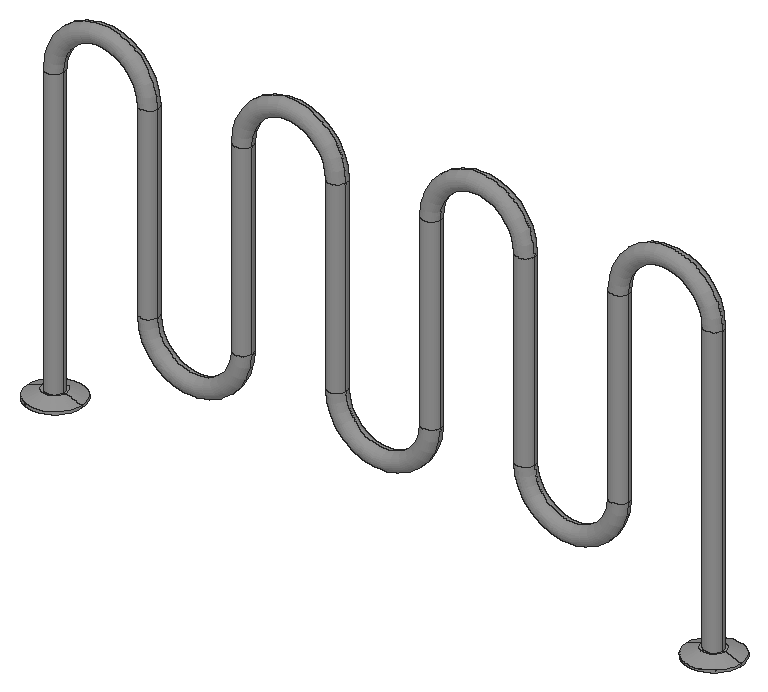
Revit family "Велопарковка «Комби-77» из нержавеющей стали", category Антураж, Revit 2017
Family settings
  На основе рабочей плоскости = Нет
  Всегда вертикально = Да
  При загрузке вырезать с полостями = Нет
  Источник визуального образа = Геометрия семейства
  Общий = Нет
  Точка расчета площади = Нет
Parameters (values of type "Велопарковка «Комби-77» из нержавеющей стали")
  Стоимость = 19440
  Изготовитель = "Хоббика"
  Высота = 0 mm
  ВП_Материал = Сталь, нержавеющая, шлифованная
  ВП_Артикул = 8928
  URL = "https://hobbyka.ru/product/veloparkovka_kombi77_iz_nerzhaveyushchey_stali/"
Reference planes
  plane 1 "По центру (Вперед/Назад)": y = 0
  plane 2: z = 0
  plane 3 "По центру (Влево/Вправо)": x = 0
Forms (mm)
  Sweep 1, solid, material "Сталь, нержавеющая, шлифованная" <- "ВП_Материал"
    path origin (0, 0, 0) x (1, 0, 0) y (0, 0, 1)
      loop
        line (-732.583, 5.835) -> (-732.583, 655.306)
        arc (-732.583, 655.306) -> (-627.998, 759.96) -> (-523.274, 655.445) r 104.655
        line (-523.274, 655.445) -> (-523.274, 240.306)
        arc (-523.274, 240.306) -> (-418.619, 135.651) -> (-313.964, 240.306) r 104.655
        line (-313.964, 240.306) -> (-313.964, 655.306)
        arc (-313.964, 655.306) -> (-209.31, 759.96) -> (-104.655, 655.306) r 104.655
        line (-104.655, 655.306) -> (-104.655, 240.306)
        arc (-104.655, 240.306) -> (0, 135.651) -> (104.655, 240.306) r 104.655
        line (104.655, 240.306) -> (104.655, 655.306)
        arc (104.655, 655.306) -> (209.309, 759.96) -> (313.964, 655.306) r 104.655
        line (313.964, 655.306) -> (313.964, 240.306)
        arc (313.964, 240.306) -> (418.619, 135.651) -> (523.274, 240.306) r 104.655
        line (523.274, 240.306) -> (523.274, 655.306)
        arc (523.274, 655.306) -> (627.928, 759.96) -> (732.583, 655.306) r 104.655
        line (732.583, 655.306) -> (732.583, 5.835)
    profile origin (732.583, 0, 330.57) x (0, -1, 0) y (1, 0, 0)
      loop
        circle (0, 0) r 20
  Revolve 2, solid, material "Сталь, нержавеющая, шлифованная" <- "ВП_Материал"
    sketch origin (0, 0, 0) x (1, 0, 0) y (0, 0, 1)
      loop
        line (-732.583, 17.483) -> (-758.426, 17.483) -> (-792.583, 5) -> (-792.583, 0) -> (-732.583, 0) -> (-732.583, 17.483)
      axis (-732.583, 17.483) -> (-732.583, 0)
    angle from 0 to 360
  Revolve 3, solid, material "Сталь, нержавеющая, шлифованная" <- "ВП_Материал"
    sketch origin (0, 0, 0) x (-1, 0, 0) y (0, 0, 1)
      loop
        line (-732.583, 17.483) -> (-758.426, 17.483) -> (-792.583, 5) -> (-792.583, 0) -> (-732.583, 0) -> (-732.583, 17.483)
      axis (-732.583, 17.483) -> (-732.583, 0)
    angle from 0 to 360
Cuts and joins
  joined: Sweep 1, Revolve 2, Revolve 3
Dimensions and locks
  aligned and locked: level to plane 2
